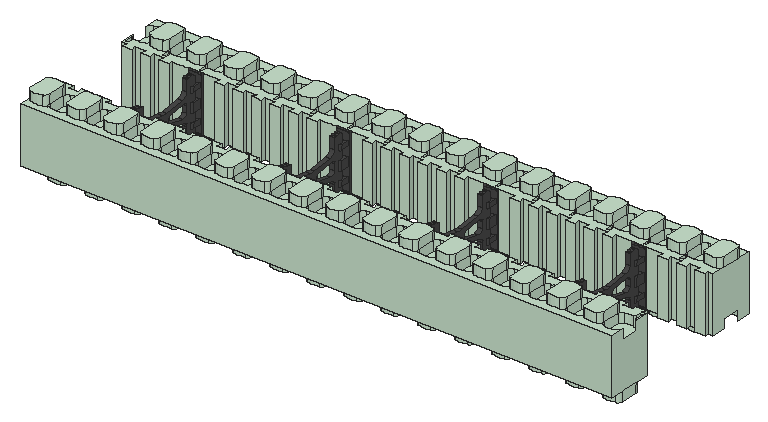
Revit family (continued)
Forms (in)
  Extrusion 51, void
    sketch origin (30, 9.25, 0) x (-1, 0, 0) y (0, -1, 0)
      loop
        arc (0, 0.72692) -> (0.04785, 0.57983) -> (0.17308, 0.48905) r 0.25
        arc (0.17308, 0.48905) -> (0.5, 0.4375) -> (0.82692, 0.48905) r 1.0625
        arc (0.82692, 0.48905) -> (0.95215, 0.57983) -> (1, 0.72692) r 0.25
        line (1, 0.72692) -> (1, 1.64808)
        arc (1, 1.64808) -> (0.95215, 1.79517) -> (0.82692, 1.88595) r 0.25
        arc (0.82692, 1.88595) -> (0.57908, 1.93455) -> (0.32677, 1.92328) r 1.0625
        arc (0.32677, 1.92328) -> (0.27615, 1.93729) -> (0.25408, 1.98495) r 0.0625
        line (0.25408, 1.98495) -> (0.25408, 2.20655)
    from 0 to 0.5
  Extrusion 52, void
    sketch origin (28, 9.25, 0) x (-1, 0, 0) y (0, -1, 0)
      loop
        line (0.25408, 2.20655) -> (0.08325, 2.20655) -> (0.08325, 1.86045)
        arc (0.08325, 1.86045) -> (0.07894, 1.83764) -> (0.0666, 1.81798) r 0.0625
        arc (0.0666, 1.81798) -> (0.01724, 1.73932) -> (0, 1.64808) r 0.25
        line (0, 1.64808) -> (0, 0.72692)
        arc (0, 0.72692) -> (0.04785, 0.57983) -> (0.17308, 0.48905) r 0.25
        arc (0.17308, 0.48905) -> (0.5, 0.4375) -> (0.82692, 0.48905) r 1.0625
        arc (0.82692, 0.48905) -> (0.95215, 0.57983) -> (1, 0.72692) r 0.25
        line (1, 0.72692) -> (1, 1.64808)
        arc (1, 1.64808) -> (0.95215, 1.79517) -> (0.82692, 1.88595) r 0.25
        arc (0.82692, 1.88595) -> (0.57908, 1.93455) -> (0.32677, 1.92328) r 1.0625
        arc (0.32677, 1.92328) -> (0.27615, 1.93729) -> (0.25408, 1.98495) r 0.0625
        line (0.25408, 1.98495) -> (0.25408, 2.20655)
    from 0 to 0.5
  Extrusion 53, void
    sketch origin (26, 9.25, 0) x (-1, 0, 0) y (0, -1, 0)
      loop
        line (0.25408, 2.20655) -> (0.08325, 2.20655) -> (0.08325, 1.86045)
        arc (0.08325, 1.86045) -> (0.07894, 1.83764) -> (0.0666, 1.81798) r 0.0625
        arc (0.0666, 1.81798) -> (0.01724, 1.73932) -> (0, 1.64808) r 0.25
        line (0, 1.64808) -> (0, 0.72692)
        arc (0, 0.72692) -> (0.04785, 0.57983) -> (0.17308, 0.48905) r 0.25
        arc (0.17308, 0.48905) -> (0.5, 0.4375) -> (0.82692, 0.48905) r 1.0625
        arc (0.82692, 0.48905) -> (0.95215, 0.57983) -> (1, 0.72692) r 0.25
        line (1, 0.72692) -> (1, 1.64808)
        arc (1, 1.64808) -> (0.95215, 1.79517) -> (0.82692, 1.88595) r 0.25
        arc (0.82692, 1.88595) -> (0.57908, 1.93455) -> (0.32677, 1.92328) r 1.0625
        arc (0.32677, 1.92328) -> (0.27615, 1.93729) -> (0.25408, 1.98495) r 0.0625
        line (0.25408, 1.98495) -> (0.25408, 2.20655)
    from 0 to 0.5
  Extrusion 54, void
    sketch origin (24, 9.25, 0) x (-1, 0, 0) y (0, -1, 0)
      loop
        line (0.25408, 2.20655) -> (0.08325, 2.20655) -> (0.08325, 1.86045)
        arc (0.08325, 1.86045) -> (0.07894, 1.83764) -> (0.0666, 1.81798) r 0.0625
        arc (0.0666, 1.81798) -> (0.01724, 1.73932) -> (0, 1.64808) r 0.25
        line (0, 1.64808) -> (0, 0.72692)
        arc (0, 0.72692) -> (0.04785, 0.57983) -> (0.17308, 0.48905) r 0.25
        arc (0.17308, 0.48905) -> (0.5, 0.4375) -> (0.82692, 0.48905) r 1.0625
        arc (0.82692, 0.48905) -> (0.95215, 0.57983) -> (1, 0.72692) r 0.25
        line (1, 0.72692) -> (1, 1.64808)
        arc (1, 1.64808) -> (0.95215, 1.79517) -> (0.82692, 1.88595) r 0.25
        arc (0.82692, 1.88595) -> (0.57908, 1.93455) -> (0.32677, 1.92328) r 1.0625
        arc (0.32677, 1.92328) -> (0.27615, 1.93729) -> (0.25408, 1.98495) r 0.0625
        line (0.25408, 1.98495) -> (0.25408, 2.20655)
    from 0 to 0.5
  Extrusion 55, void
    sketch origin (22, 9.25, 0) x (-1, 0, 0) y (0, -1, 0)
      loop
        line (0.25408, 2.20655) -> (0.08325, 2.20655) -> (0.08325, 1.86045)
        arc (0.08325, 1.86045) -> (0.07894, 1.83764) -> (0.0666, 1.81798) r 0.0625
        arc (0.0666, 1.81798) -> (0.01724, 1.73932) -> (0, 1.64808) r 0.25
        line (0, 1.64808) -> (0, 0.72692)
        arc (0, 0.72692) -> (0.04785, 0.57983) -> (0.17308, 0.48905) r 0.25
        arc (0.17308, 0.48905) -> (0.5, 0.4375) -> (0.82692, 0.48905) r 1.0625
        arc (0.82692, 0.48905) -> (0.95215, 0.57983) -> (1, 0.72692) r 0.25
        line (1, 0.72692) -> (1, 1.64808)
        arc (1, 1.64808) -> (0.95215, 1.79517) -> (0.82692, 1.88595) r 0.25
        arc (0.82692, 1.88595) -> (0.57908, 1.93455) -> (0.32677, 1.92328) r 1.0625
        arc (0.32677, 1.92328) -> (0.27615, 1.93729) -> (0.25408, 1.98495) r 0.0625
        line (0.25408, 1.98495) -> (0.25408, 2.20655)
    from 0 to 0.5
  Extrusion 56, void
    sketch origin (20, 9.25, 0) x (-1, 0, 0) y (0, -1, 0)
      loop
        line (0.25408, 2.20655) -> (0.08325, 2.20655) -> (0.08325, 1.86045)
        arc (0.08325, 1.86045) -> (0.07894, 1.83764) -> (0.0666, 1.81798) r 0.0625
        arc (0.0666, 1.81798) -> (0.01724, 1.73932) -> (0, 1.64808) r 0.25
        line (0, 1.64808) -> (0, 0.72692)
        arc (0, 0.72692) -> (0.04785, 0.57983) -> (0.17308, 0.48905) r 0.25
        arc (0.17308, 0.48905) -> (0.5, 0.4375) -> (0.82692, 0.48905) r 1.0625
        arc (0.82692, 0.48905) -> (0.95215, 0.57983) -> (1, 0.72692) r 0.25
        line (1, 0.72692) -> (1, 1.64808)
        arc (1, 1.64808) -> (0.95215, 1.79517) -> (0.82692, 1.88595) r 0.25
        arc (0.82692, 1.88595) -> (0.57908, 1.93455) -> (0.32677, 1.92328) r 1.0625
        arc (0.32677, 1.92328) -> (0.27615, 1.93729) -> (0.25408, 1.98495) r 0.0625
        line (0.25408, 1.98495) -> (0.25408, 2.20655)
    from 0 to 0.5
  Extrusion 57, void
    sketch origin (18, 9.25, 0) x (-1, 0, 0) y (0, -1, 0)
      loop
        line (0.25408, 2.20655) -> (0.08325, 2.20655) -> (0.08325, 1.86045)
        arc (0.08325, 1.86045) -> (0.07894, 1.83764) -> (0.0666, 1.81798) r 0.0625
        arc (0.0666, 1.81798) -> (0.01724, 1.73932) -> (0, 1.64808) r 0.25
        line (0, 1.64808) -> (0, 0.72692)
        arc (0, 0.72692) -> (0.04785, 0.57983) -> (0.17308, 0.48905) r 0.25
        arc (0.17308, 0.48905) -> (0.5, 0.4375) -> (0.82692, 0.48905) r 1.0625
        arc (0.82692, 0.48905) -> (0.95215, 0.57983) -> (1, 0.72692) r 0.25
        line (1, 0.72692) -> (1, 1.64808)
        arc (1, 1.64808) -> (0.95215, 1.79517) -> (0.82692, 1.88595) r 0.25
        arc (0.82692, 1.88595) -> (0.57908, 1.93455) -> (0.32677, 1.92328) r 1.0625
        arc (0.32677, 1.92328) -> (0.27615, 1.93729) -> (0.25408, 1.98495) r 0.0625
        line (0.25408, 1.98495) -> (0.25408, 2.20655)
    from 0 to 0.5
  Extrusion 58, void
    sketch origin (16, 9.25, 0) x (-1, 0, 0) y (0, -1, 0)
      loop
        line (0.25408, 2.20655) -> (0.08325, 2.20655) -> (0.08325, 1.86045)
        arc (0.08325, 1.86045) -> (0.07894, 1.83764) -> (0.0666, 1.81798) r 0.0625
        arc (0.0666, 1.81798) -> (0.01724, 1.73932) -> (0, 1.64808) r 0.25
        line (0, 1.64808) -> (0, 0.72692)
        arc (0, 0.72692) -> (0.04785, 0.57983) -> (0.17308, 0.48905) r 0.25
        arc (0.17308, 0.48905) -> (0.5, 0.4375) -> (0.82692, 0.48905) r 1.0625
        arc (0.82692, 0.48905) -> (0.95215, 0.57983) -> (1, 0.72692) r 0.25
        line (1, 0.72692) -> (1, 1.64808)
        arc (1, 1.64808) -> (0.95215, 1.79517) -> (0.82692, 1.88595) r 0.25
        arc (0.82692, 1.88595) -> (0.57908, 1.93455) -> (0.32677, 1.92328) r 1.0625
        arc (0.32677, 1.92328) -> (0.27615, 1.93729) -> (0.25408, 1.98495) r 0.0625
        line (0.25408, 1.98495) -> (0.25408, 2.20655)
    from 0 to 0.5
  Extrusion 59, void
    sketch origin (14, 9.25, 0) x (-1, 0, 0) y (0, -1, 0)
      loop
        line (0.25408, 2.20655) -> (0.08325, 2.20655) -> (0.08325, 1.86045)
        arc (0.08325, 1.86045) -> (0.07894, 1.83764) -> (0.0666, 1.81798) r 0.0625
        arc (0.0666, 1.81798) -> (0.01724, 1.73932) -> (0, 1.64808) r 0.25
        line (0, 1.64808) -> (0, 0.72692)
        arc (0, 0.72692) -> (0.04785, 0.57983) -> (0.17308, 0.48905) r 0.25
        arc (0.17308, 0.48905) -> (0.5, 0.4375) -> (0.82692, 0.48905) r 1.0625
        arc (0.82692, 0.48905) -> (0.95215, 0.57983) -> (1, 0.72692) r 0.25
        line (1, 0.72692) -> (1, 1.64808)
        arc (1, 1.64808) -> (0.95215, 1.79517) -> (0.82692, 1.88595) r 0.25
        arc (0.82692, 1.88595) -> (0.57908, 1.93455) -> (0.32677, 1.92328) r 1.0625
        arc (0.32677, 1.92328) -> (0.27615, 1.93729) -> (0.25408, 1.98495) r 0.0625
        line (0.25408, 1.98495) -> (0.25408, 2.20655)
    from 0 to 0.5
  Extrusion 60, void
    sketch origin (12, 9.25, 0) x (-1, 0, 0) y (0, -1, 0)
      loop
        line (0.25408, 2.20655) -> (0.08325, 2.20655) -> (0.08325, 1.86045)
        arc (0.08325, 1.86045) -> (0.07894, 1.83764) -> (0.0666, 1.81798) r 0.0625
        arc (0.0666, 1.81798) -> (0.01724, 1.73932) -> (0, 1.64808) r 0.25
        line (0, 1.64808) -> (0, 0.72692)
        arc (0, 0.72692) -> (0.04785, 0.57983) -> (0.17308, 0.48905) r 0.25
        arc (0.17308, 0.48905) -> (0.5, 0.4375) -> (0.82692, 0.48905) r 1.0625
        arc (0.82692, 0.48905) -> (0.95215, 0.57983) -> (1, 0.72692) r 0.25
        line (1, 0.72692) -> (1, 1.64808)
        arc (1, 1.64808) -> (0.95215, 1.79517) -> (0.82692, 1.88595) r 0.25
        arc (0.82692, 1.88595) -> (0.57908, 1.93455) -> (0.32677, 1.92328) r 1.0625
        arc (0.32677, 1.92328) -> (0.27615, 1.93729) -> (0.25408, 1.98495) r 0.0625
        line (0.25408, 1.98495) -> (0.25408, 2.20655)
    from 0 to 0.5
  Extrusion 61, void
    sketch origin (10, 9.25, 0) x (-1, 0, 0) y (0, -1, 0)
      loop
        line (0.25408, 2.20655) -> (0.08325, 2.20655) -> (0.08325, 1.86045)
        arc (0.08325, 1.86045) -> (0.07894, 1.83764) -> (0.0666, 1.81798) r 0.0625
        arc (0.0666, 1.81798) -> (0.01724, 1.73932) -> (0, 1.64808) r 0.25
        line (0, 1.64808) -> (0, 0.72692)
        arc (0, 0.72692) -> (0.04785, 0.57983) -> (0.17308, 0.48905) r 0.25
        arc (0.17308, 0.48905) -> (0.5, 0.4375) -> (0.82692, 0.48905) r 1.0625
        arc (0.82692, 0.48905) -> (0.95215, 0.57983) -> (1, 0.72692) r 0.25
        line (1, 0.72692) -> (1, 1.64808)
        arc (1, 1.64808) -> (0.95215, 1.79517) -> (0.82692, 1.88595) r 0.25
        arc (0.82692, 1.88595) -> (0.57908, 1.93455) -> (0.32677, 1.92328) r 1.0625
        arc (0.32677, 1.92328) -> (0.27615, 1.93729) -> (0.25408, 1.98495) r 0.0625
        line (0.25408, 1.98495) -> (0.25408, 2.20655)
    from 0 to 0.5
  Extrusion 62, void
    sketch origin (8, 9.25, 0) x (-1, 0, 0) y (0, -1, 0)
      loop
        line (0.25408, 2.20655) -> (0.08325, 2.20655) -> (0.08325, 1.86045)
        arc (0.08325, 1.86045) -> (0.07894, 1.83764) -> (0.0666, 1.81798) r 0.0625
        arc (0.0666, 1.81798) -> (0.01724, 1.73932) -> (0, 1.64808) r 0.25
        line (0, 1.64808) -> (0, 0.72692)
        arc (0, 0.72692) -> (0.04785, 0.57983) -> (0.17308, 0.48905) r 0.25
        arc (0.17308, 0.48905) -> (0.5, 0.4375) -> (0.82692, 0.48905) r 1.0625
        arc (0.82692, 0.48905) -> (0.95215, 0.57983) -> (1, 0.72692) r 0.25
        line (1, 0.72692) -> (1, 1.64808)
        arc (1, 1.64808) -> (0.95215, 1.79517) -> (0.82692, 1.88595) r 0.25
        arc (0.82692, 1.88595) -> (0.57908, 1.93455) -> (0.32677, 1.92328) r 1.0625
        arc (0.32677, 1.92328) -> (0.27615, 1.93729) -> (0.25408, 1.98495) r 0.0625
        line (0.25408, 1.98495) -> (0.25408, 2.20655)
    from 0 to 0.5
  Extrusion 63, void
    sketch origin (6, 9.25, 0) x (-1, 0, 0) y (0, -1, 0)
      loop
        line (0.25408, 2.20655) -> (0.08325, 2.20655) -> (0.08325, 1.86045)
        arc (0.08325, 1.86045) -> (0.07894, 1.83764) -> (0.0666, 1.81798) r 0.0625
        arc (0.0666, 1.81798) -> (0.01724, 1.73932) -> (0, 1.64808) r 0.25
        line (0, 1.64808) -> (0, 0.72692)
        arc (0, 0.72692) -> (0.04785, 0.57983) -> (0.17308, 0.48905) r 0.25
        arc (0.17308, 0.48905) -> (0.5, 0.4375) -> (0.82692, 0.48905) r 1.0625
        arc (0.82692, 0.48905) -> (0.95215, 0.57983) -> (1, 0.72692) r 0.25
        line (1, 0.72692) -> (1, 1.64808)
        arc (1, 1.64808) -> (0.95215, 1.79517) -> (0.82692, 1.88595) r 0.25
        arc (0.82692, 1.88595) -> (0.57908, 1.93455) -> (0.32677, 1.92328) r 1.0625
        arc (0.32677, 1.92328) -> (0.27615, 1.93729) -> (0.25408, 1.98495) r 0.0625
        line (0.25408, 1.98495) -> (0.25408, 2.20655)
    from 0 to 0.5
  Extrusion 64, void
    sketch origin (4, 9.25, 0) x (-1, 0, 0) y (0, -1, 0)
      loop
        line (0.25408, 2.20655) -> (0.08325, 2.20655) -> (0.08325, 1.86045)
        arc (0.08325, 1.86045) -> (0.07894, 1.83764) -> (0.0666, 1.81798) r 0.0625
        arc (0.0666, 1.81798) -> (0.01724, 1.73932) -> (0, 1.64808) r 0.25
        line (0, 1.64808) -> (0, 0.72692)
        arc (0, 0.72692) -> (0.04785, 0.57983) -> (0.17308, 0.48905) r 0.25
        arc (0.17308, 0.48905) -> (0.5, 0.4375) -> (0.82692, 0.48905) r 1.0625
        arc (0.82692, 0.48905) -> (0.95215, 0.57983) -> (1, 0.72692) r 0.25
        line (1, 0.72692) -> (1, 1.64808)
        arc (1, 1.64808) -> (0.95215, 1.79517) -> (0.82692, 1.88595) r 0.25
        arc (0.82692, 1.88595) -> (0.57908, 1.93455) -> (0.32677, 1.92328) r 1.0625
        arc (0.32677, 1.92328) -> (0.27615, 1.93729) -> (0.25408, 1.98495) r 0.0625
        line (0.25408, 1.98495) -> (0.25408, 2.20655)
    from 0 to 0.5
  Extrusion 65, void
    sketch origin (2, 9.25, 0) x (-1, 0, 0) y (0, -1, 0)
      loop
        line (0.25408, 2.20655) -> (0.08325, 2.20655) -> (0.08325, 1.86045)
        arc (0.08325, 1.86045) -> (0.07894, 1.83764) -> (0.0666, 1.81798) r 0.0625
        arc (0.0666, 1.81798) -> (0.01724, 1.73932) -> (0, 1.64808) r 0.25
        line (0, 1.64808) -> (0, 0.72692)
        arc (0, 0.72692) -> (0.04785, 0.57983) -> (0.17308, 0.48905) r 0.25
        arc (0.17308, 0.48905) -> (0.5, 0.4375) -> (0.82692, 0.48905) r 1.0625
        arc (0.82692, 0.48905) -> (0.95215, 0.57983) -> (1, 0.72692) r 0.25
        line (1, 0.72692) -> (1, 1.64808)
        arc (1, 1.64808) -> (0.95215, 1.79517) -> (0.82692, 1.88595) r 0.25
        arc (0.82692, 1.88595) -> (0.57908, 1.93455) -> (0.32677, 1.92328) r 1.0625
        arc (0.32677, 1.92328) -> (0.27615, 1.93729) -> (0.25408, 1.98495) r 0.0625
        line (0.25408, 1.98495) -> (0.25408, 2.20655)
    from 0 to 0.5
Cuts and joins
  Extrusion 2, Extrusion 3, Extrusion 4, Extrusion 5, Extrusion 6, Extrusion 7, Extrusion 8, Extrusion 9, Extrusion 10, Extrusion 11, Extrusion 12, Extrusion 13, Extrusion 14, Extrusion 15, Extrusion 16, Extrusion 17, Extrusion 18, Extrusion 19, Extrusion 20, Extrusion 21, Extrusion 22, Extrusion 23, Extrusion 24, Extrusion 25, Extrusion 26, Extrusion 27, Extrusion 28, Extrusion 29, Extrusion 30, Extrusion 31, Extrusion 32, Extrusion 33, Extrusion 34, Extrusion 35, Extrusion 36, Extrusion 37, Extrusion 38, Extrusion 39, Extrusion 40, Extrusion 41, Extrusion 42, Extrusion 43, Extrusion 44, Extrusion 45, Extrusion 46, Extrusion 47, Extrusion 48, Extrusion 49, Extrusion 50, Extrusion 51, Extrusion 52, Extrusion 53, Extrusion 54, Extrusion 55, Extrusion 56, Extrusion 57, Extrusion 58, Extrusion 59, Extrusion 60, Extrusion 61, Extrusion 62, Extrusion 63, Extrusion 64, Extrusion 65 cuts Extrusion 1
Dimensions and locks (in)
  locked: plane 3 "Center (Left/Right)" to plane 5 at 32
  locked: plane 5 to plane 3 "Center (Left/Right)" at 32
  locked: level to plane 6 at 3
  locked: plane 6 to level at 3
  locked: plane 4 to plane 1 "Center (Front/Back)" at 2.625
  plane 1 "Center (Front/Back)" to plane 4 to plane 7 to plane 8 = 0' - 2 5/8" locked, 0' - 4" locked, 0' - 2 5/8" locked
  aligned and locked: cut or joined group 1 (Extrusion 1, Extrusion 2, Extrusion 3, Extrusion 4, Extrusion 5, Extrusion 6, Extrusion 7, Extrusion 8, Extrusion 9, Extrusion 10, Extrusion 11, Extrusion 12, Extrusion 13, Extrusion 14, Extrusion 15, Extrusion 16, Extrusion 17, Extrusion 18, Extrusion 19, Extrusion 20, Extrusion 21, Extrusion 22, Extrusion 23, Extrusion 24, Extrusion 25, Extrusion 26, Extrusion 27, Extrusion 28, Extrusion 29, Extrusion 30, Extrusion 31, Extrusion 32, Extrusion 33, Extrusion 34, Extrusion 35, Extrusion 36, Extrusion 37, Extrusion 38, Extrusion 39, Extrusion 40, Extrusion 41, Extrusion 42, Extrusion 43, Extrusion 44, Extrusion 45, Extrusion 46, Extrusion 47, Extrusion 48, Extrusion 49, Extrusion 50, Extrusion 51, Extrusion 52, Extrusion 53, Extrusion 54, Extrusion 55, Extrusion 56, Extrusion 57, Extrusion 58, Extrusion 59, Extrusion 60, Extrusion 61, Extrusion 62, Extrusion 63, Extrusion 64, Extrusion 65) to nested 15
  aligned and locked: cut or joined group 1 to nested 14
  aligned and locked: cut or joined group 1 to nested 13
  aligned and locked: cut or joined group 1 to nested 12
  aligned and locked: cut or joined group 1 to nested 11
  aligned and locked: cut or joined group 1 to nested 10
  aligned and locked: cut or joined group 1 to nested 9
  aligned and locked: cut or joined group 1 to nested 8
  aligned and locked: cut or joined group 1 to nested 7
  aligned and locked: cut or joined group 1 to nested 6
  aligned and locked: cut or joined group 1 to nested 5
  aligned and locked: cut or joined group 1 to nested 3
  aligned and locked: cut or joined group 1 to nested 2
  aligned and locked: nested 1 to cut or joined group 1
  aligned and locked: cut or joined group 1 to nested 65  (x2)
  aligned and locked: cut or joined group 1 to nested 68
  aligned: cut or joined group 1 to nested 67
  aligned: cut or joined group 1 to nested 66
  aligned: cut or joined group 1 to nested 65
  aligned and locked: cut or joined group 1 to nested 66
  aligned and locked: cut or joined group 1 to nested 67
  aligned and locked: cut or joined group 1 to nested 73
Nested families (in)
  nested 1: "Interlock Tooth" at (0, 5.625, -15), type "Interlock Tooth"
  nested 2: "Interlock Tooth" at (2, 5.625, -15), type "Interlock Tooth"
  nested 3: "Interlock Tooth" at (4, 5.625, -15), type "Interlock Tooth"
  nested 4: "Interlock Tooth" at (6, 5.625, -15), type "Interlock Tooth"
  nested 5: "Interlock Tooth" at (8, 5.625, -15), type "Interlock Tooth"
  nested 6: "Interlock Tooth" at (10, 5.625, -15), type "Interlock Tooth"
  nested 7: "Interlock Tooth" at (12, 5.625, -15), type "Interlock Tooth"
  nested 8: "Interlock Tooth" at (14, 5.625, -15), type "Interlock Tooth"
  nested 9: "Interlock Tooth" at (16, 5.625, -15), type "Interlock Tooth"
  nested 10: "Interlock Tooth" at (18, 5.625, -15), type "Interlock Tooth"
  nested 11: "Interlock Tooth" at (20, 5.625, -15), type "Interlock Tooth"
  nested 12: "Interlock Tooth" at (22, 5.625, -15), type "Interlock Tooth"
  nested 13: "Interlock Tooth" at (24, 5.625, -15), type "Interlock Tooth"
  nested 14: "Interlock Tooth" at (26, 5.625, -15), type "Interlock Tooth"
  nested 15: "Interlock Tooth" at (28, 5.625, -15), type "Interlock Tooth"
  nested 16: "Interlock Tooth" at (30, 5.625, -15), type "Interlock Tooth"
  nested 17: "Interlock Tooth" at (3, 5.625, -18.5), type "Interlock Tooth"
  nested 18: "Interlock Tooth" at (5, 5.625, -18.5), type "Interlock Tooth"
  nested 19: "Interlock Tooth" at (7, 5.625, -18.5), type "Interlock Tooth"
  nested 20: "Interlock Tooth" at (9, 5.625, -18.5), type "Interlock Tooth"
  nested 21: "Interlock Tooth" at (1, 5.625, -18.5), type "Interlock Tooth"
  nested 22: "Interlock Tooth" at (11, 5.625, -18.5), type "Interlock Tooth"
  nested 23: "Interlock Tooth" at (13, 5.625, -18.5), type "Interlock Tooth"
  nested 24: "Interlock Tooth" at (15, 5.625, -18.5), type "Interlock Tooth"
  nested 25: "Interlock Tooth" at (17, 5.625, -18.5), type "Interlock Tooth"
  nested 26: "Interlock Tooth" at (19, 5.625, -18.5), type "Interlock Tooth"
  nested 27: "Interlock Tooth" at (21, 5.625, -18.5), type "Interlock Tooth"
  nested 28: "Interlock Tooth" at (23, 5.625, -18.5), type "Interlock Tooth"
  nested 29: "Interlock Tooth" at (25, 5.625, -18.5), type "Interlock Tooth"
  nested 30: "Interlock Tooth" at (27, 5.625, -18.5), type "Interlock Tooth"
  nested 31: "Interlock Tooth" at (29, 5.625, -18.5), type "Interlock Tooth"
  nested 32: "Interlock Tooth" at (31, 5.625, -18.5), type "Interlock Tooth"
  nested 33: "Interlock Tooth" at (32, 3.625, -15) x (-1, 0, 0) z (0, 0, 1), type "Interlock Tooth"
  nested 34: "Interlock Tooth" at (30, 3.625, -15) x (-1, 0, 0) z (0, 0, 1), type "Interlock Tooth"
  nested 35: "Interlock Tooth" at (28, 3.625, -15) x (-1, 0, 0) z (0, 0, 1), type "Interlock Tooth"
  nested 36: "Interlock Tooth" at (26, 3.625, -15) x (-1, 0, 0) z (0, 0, 1), type "Interlock Tooth"
  nested 37: "Interlock Tooth" at (24, 3.625, -15) x (-1, 0, 0) z (0, 0, 1), type "Interlock Tooth"
  nested 38: "Interlock Tooth" at (22, 3.625, -15) x (-1, 0, 0) z (0, 0, 1), type "Interlock Tooth"
  nested 39: "Interlock Tooth" at (20, 3.625, -15) x (-1, 0, 0) z (0, 0, 1), type "Interlock Tooth"
  nested 40: "Interlock Tooth" at (18, 3.625, -15) x (-1, 0, 0) z (0, 0, 1), type "Interlock Tooth"
  nested 41: "Interlock Tooth" at (16, 3.625, -15) x (-1, 0, 0) z (0, 0, 1), type "Interlock Tooth"
  nested 42: "Interlock Tooth" at (14, 3.625, -15) x (-1, 0, 0) z (0, 0, 1), type "Interlock Tooth"
  nested 43: "Interlock Tooth" at (12, 3.625, -15) x (-1, 0, 0) z (0, 0, 1), type "Interlock Tooth"
  nested 44: "Interlock Tooth" at (10, 3.625, -15) x (-1, 0, 0) z (0, 0, 1), type "Interlock Tooth"
  nested 45: "Interlock Tooth" at (8, 3.625, -15) x (-1, 0, 0) z (0, 0, 1), type "Interlock Tooth"
  nested 46: "Interlock Tooth" at (6, 3.625, -15) x (-1, 0, 0) z (0, 0, 1), type "Interlock Tooth"
  nested 47: "Interlock Tooth" at (4, 3.625, -15) x (-1, 0, 0) z (0, 0, 1), type "Interlock Tooth"
  nested 48: "Interlock Tooth" at (2, 3.625, -15) x (-1, 0, 0) z (0, 0, 1), type "Interlock Tooth"
  nested 49: "Interlock Tooth" at (29, 3.625, -18.5) x (-1, 0, 0) z (0, 0, 1), type "Interlock Tooth"
  nested 50: "Interlock Tooth" at (27, 3.625, -18.5) x (-1, 0, 0) z (0, 0, 1), type "Interlock Tooth"
  nested 51: "Interlock Tooth" at (25, 3.625, -18.5) x (-1, 0, 0) z (0, 0, 1), type "Interlock Tooth"
  nested 52: "Interlock Tooth" at (23, 3.625, -18.5) x (-1, 0, 0) z (0, 0, 1), type "Interlock Tooth"
  nested 53: "Interlock Tooth" at (31, 3.625, -18.5) x (-1, 0, 0) z (0, 0, 1), type "Interlock Tooth"
  nested 54: "Interlock Tooth" at (21, 3.625, -18.5) x (-1, 0, 0) z (0, 0, 1), type "Interlock Tooth"
  nested 55: "Interlock Tooth" at (19, 3.625, -18.5) x (-1, 0, 0) z (0, 0, 1), type "Interlock Tooth"
  nested 56: "Interlock Tooth" at (17, 3.625, -18.5) x (-1, 0, 0) z (0, 0, 1), type "Interlock Tooth"
  nested 57: "Interlock Tooth" at (15, 3.625, -18.5) x (-1, 0, 0) z (0, 0, 1), type "Interlock Tooth"
  nested 58: "Interlock Tooth" at (13, 3.625, -18.5) x (-1, 0, 0) z (0, 0, 1), type "Interlock Tooth"
  nested 59: "Interlock Tooth" at (11, 3.625, -18.5) x (-1, 0, 0) z (0, 0, 1), type "Interlock Tooth"
  nested 60: "Interlock Tooth" at (9, 3.625, -18.5) x (-1, 0, 0) z (0, 0, 1), type "Interlock Tooth"
  nested 61: "Interlock Tooth" at (7, 3.625, -18.5) x (-1, 0, 0) z (0, 0, 1), type "Interlock Tooth"
  nested 62: "Interlock Tooth" at (5, 3.625, -18.5) x (-1, 0, 0) z (0, 0, 1), type "Interlock Tooth"
  nested 63: "Interlock Tooth" at (3, 3.625, -18.5) x (-1, 0, 0) z (0, 0, 1), type "Interlock Tooth"
  nested 64: "Interlock Tooth" at (1, 3.625, -18.5) x (-1, 0, 0) z (0, 0, 1), type "Interlock Tooth"
  nested 65: "NUDURA Height Adjuster Diamond Pattern" at (24, 14.875, 0), type "NUDURA Height Adjuster Diamond Pattern"
  nested 66: "NUDURA Height Adjuster Diamond Pattern" at (16, 14.875, 0), type "NUDURA Height Adjuster Diamond Pattern"
  nested 67: "NUDURA Height Adjuster Diamond Pattern" at (8, 14.875, 0), type "NUDURA Height Adjuster Diamond Pattern"
  nested 68: "NUDURA Height Adjuster Diamond Pattern" at (0, 14.875, 0), type "NUDURA Height Adjuster Diamond Pattern"
  nested 69: "NUDURA Height Adjuster Diamond Pattern" at (24, -5.625, 0), type "NUDURA Height Adjuster Diamond Pattern"
  nested 70: "NUDURA Height Adjuster Diamond Pattern" at (16, -5.625, 0), type "NUDURA Height Adjuster Diamond Pattern"
  nested 71: "NUDURA Height Adjuster Diamond Pattern" at (8, -5.625, 0), type "NUDURA Height Adjuster Diamond Pattern"
  nested 72: "NUDURA Height Adjuster Diamond Pattern" at (0, -5.625, 0), type "NUDURA Height Adjuster Diamond Pattern"
  nested 73: "NUDURA 4-inch Height Adjuster Web" at (4, 4.625, 0), type "NUDURA 4-inch Height Adjuster Web"
  nested 74: "NUDURA 4-inch Height Adjuster Web" at (12, 4.625, 0), type "NUDURA 4-inch Height Adjuster Web"
  nested 75: "NUDURA 4-inch Height Adjuster Web" at (20, 4.625, 0), type "NUDURA 4-inch Height Adjuster Web"
  nested 76: "NUDURA 4-inch Height Adjuster Web" at (28, 4.625, 0), type "NUDURA 4-inch Height Adjuster Web"
Definition of nested family "Interlock Tooth"
  Reference planes (in)
    plane 1 "Center (Front/Back)": y = 0
    plane 2: z = 0
    plane 3 "Center (Left/Right)": x = 0
    plane 4: z = 18
    plane 5: z = 18.5
    plane 6: z = -0.5
  Forms (in)
    Extrusion 1, solid, material "NUDURA Expanded Polystyrene Foam Insulation"
      sketch origin (0, -8.875, 0) x (1, 0, 0) y (0, 1, 0)
        loop
          arc (0, 3.97692) -> (0.04785, 3.82983) -> (0.17308, 3.73905) r 0.25
          arc (0.17308, 3.73905) -> (0.5, 3.6875) -> (0.82692, 3.73905) r 1.0625
          arc (0.82692, 3.73905) -> (0.95215, 3.82983) -> (1, 3.97692) r 0.25
          line (1, 3.97692) -> (1, 4.89808)
          arc (1, 4.89808) -> (0.95215, 5.04517) -> (0.82692, 5.13595) r 0.25
          arc (0.82692, 5.13595) -> (0.5, 5.1875) -> (0.17308, 5.13595) r 1.0625
          arc (0.17308, 5.13595) -> (0.04785, 5.04517) -> (0, 4.89808) r 0.25
          line (0, 4.89808) -> (0, 3.97692)
      from 18 to 18.5
  Dimensions and locks (in)
    locked: plane 4 to level at 18
    locked: plane 4 to plane 5 at 0.5
    locked: plane 6 to level at 0.5
Definition of nested family "NUDURA 4-inch Height Adjuster Web"
  Reference planes (in)
    plane 1 "Center (Front/Back)": y = 0
    plane 2: z = 0
    plane 3 "Center (Left/Right)": x = 0
    plane 4: z = 3
    plane 5: z = 0.5
    plane 6: z = 2.5
    plane 7: z = 2.25
    plane 8: z = 0.75
    plane 9: z = 1.25
    plane 10: z = 1.75
  Forms (in)
    Extrusion 1, solid, material "High Density Polystyrene"
      sketch origin (0, 0.2725, 0) x (0, 1, 0) y (0, 0, 1)
        loop
          line (1.9775, 0) -> (1.9775, 3)
          arc (1.9775, 3) -> (1.94863, 2.98025) -> (1.9375, 2.94708) r 0.055
          line (1.9375, 2.94708) -> (1.9375, 0.05292)
          arc (1.9375, 0.05292) -> (1.94863, 0.01975) -> (1.9775, 0) r 0.055
        loop
          arc (-2.5225, 0) -> (-2.49362, 0.01975) -> (-2.48249, 0.05292) r 0.055
          line (-2.48249, 0.05292) -> (-2.48249, 2.94708)
          arc (-2.48249, 2.94708) -> (-2.49362, 2.98025) -> (-2.5225, 3) r 0.055
          line (-2.5225, 3) -> (-2.5225, 0)
      from -0.36328 to 0.36328
    Extrusion 2, solid, material "High Density Polystyrene"
      sketch origin (0, 0.02, -4.14669) x (0, 1, 0) y (0, 0, 1)
        loop
          arc (1.48, 6.50475) -> (1.39662, 6.2972) -> (1.19283, 6.20502) r 0.3
          line (1.19283, 6.20502) -> (0.13037, 6.04342)
          arc (0.13037, 6.04342) -> (-0.02, 6.03205) -> (-0.17037, 6.04342) r 1
          line (-0.17037, 6.04342) -> (-1.23284, 6.20502)
          arc (-1.23284, 6.20502) -> (-1.43662, 6.2972) -> (-1.52, 6.50475) r 0.3
          line (-1.52, 6.50475) -> (-1.52, 7.06776) -> (-1.62, 7.06776)
          arc (-1.62, 7.06776) -> (-1.63433, 7.10236) -> (-1.66893, 7.11669) r 0.04893
          line (-1.66893, 7.11669) -> (-1.82, 7.11669) -> (-1.85, 7.14669) -> (-1.94, 7.14669) -> (-2.02, 7.06669) -> (-2.02, 4.22669) -> (-1.94, 4.14669) -> (-1.85, 4.14669) -> (-1.82, 4.17669) -> (-1.66893, 4.17669)
          arc (-1.66893, 4.17669) -> (-1.63433, 4.19102) -> (-1.62, 4.22562) r 0.04893
          line (-1.62, 4.22562) -> (-1.52, 4.22562) -> (-1.52, 4.78649)
          arc (-1.52, 4.78649) -> (-1.44076, 4.98963) -> (-1.24488, 5.08545) r 0.3
          line (-1.24488, 5.08545) -> (-0.17037, 5.24996)
          arc (-0.17037, 5.24996) -> (-0.02, 5.26133) -> (0.13037, 5.24996) r 1
          line (0.13037, 5.24996) -> (1.20488, 5.08653)
          arc (1.20488, 5.08653) -> (1.40075, 4.98963) -> (1.48, 4.78649) r 0.3
          line (1.48, 4.78649) -> (1.48, 4.22562) -> (1.58, 4.22562)
          arc (1.58, 4.22562) -> (1.59433, 4.19102) -> (1.62892, 4.17669) r 0.04893
          line (1.62892, 4.17669) -> (1.78, 4.17669) -> (1.81, 4.14669) -> (1.9, 4.14669) -> (1.98, 4.22669) -> (1.98, 7.06669) -> (1.9, 7.14669) -> (1.81, 7.14669) -> (1.78, 7.11669) -> (1.62892, 7.11669)
          arc (1.62892, 7.11669) -> (1.59433, 7.10236) -> (1.58, 7.06776) r 0.04893
          line (1.58, 7.06776) -> (1.48, 7.06776) -> (1.48, 6.50475)
        loop
          line (0.36341, 5.42978) -> (1.24298, 5.26412)
          arc (1.24298, 5.26412) -> (1.40766, 5.30671) -> (1.48, 5.46066) r 0.2
          line (1.48, 5.46066) -> (1.48, 5.83272)
          arc (1.48, 5.83272) -> (1.40766, 5.98667) -> (1.24298, 6.02926) r 0.2
          line (1.24298, 6.02926) -> (0.36341, 5.8636)
          arc (0.36341, 5.8636) -> (0.23283, 5.79972) -> (0.18, 5.66429) r 0.2
          line (0.18, 5.66429) -> (0.18, 5.62909)
          arc (0.18, 5.62909) -> (0.23283, 5.49366) -> (0.36341, 5.42978) r 0.2
        loop
          arc (-0.40341, 5.42978) -> (-0.27283, 5.49366) -> (-0.22, 5.62909) r 0.2
          line (-0.22, 5.62909) -> (-0.22, 5.66429)
          arc (-0.22, 5.66429) -> (-0.27283, 5.79972) -> (-0.40341, 5.8636) r 0.2
          line (-0.40341, 5.8636) -> (-1.28298, 6.02926)
          arc (-1.28298, 6.02926) -> (-1.44767, 5.98667) -> (-1.52, 5.83272) r 0.2
          line (-1.52, 5.83272) -> (-1.52, 5.46066)
          arc (-1.52, 5.46066) -> (-1.44767, 5.30671) -> (-1.28298, 5.26412) r 0.2
          line (-1.28298, 5.26412) -> (-0.40341, 5.42978)
      from -0.125 to 0.125
    Extrusion 3, void
      sketch origin (0, -1, -0.08679) x (-1, 0, 0) y (0, -1, 0)
        loop
          arc (-0.25, -2.79249) -> (-0.22584, -2.73416) -> (-0.1675, -2.71) r 0.0825
          line (-0.1675, -2.71) -> (-0.25, -2.71) -> (-0.25, -2.79249)
      from 0.58679 to 2.58679
    Extrusion 4, void
      sketch origin (0, 1, 0) x (1, 0, 0) y (0, 1, 0)
        loop
          arc (-0.25, -2.79249) -> (-0.22584, -2.73416) -> (-0.1675, -2.71) r 0.0825
          line (-0.1675, -2.71) -> (-0.25, -2.71) -> (-0.25, -2.79249)
      from 0.5 to 2.5
    Extrusion 5, void
      sketch origin (0, 1, 0) x (-1, 0, 0) y (0, -1, 0)
        loop
          line (-0.25, 2.79249) -> (-0.25, 2.71) -> (-0.1675, 2.71)
          arc (-0.1675, 2.71) -> (-0.22584, 2.73416) -> (-0.25, 2.79249) r 0.0825
      from 0.5 to 2.5
    Extrusion 6, solid, material "High Density Polystyrene"
      sketch origin (0, 0, 0) x (0, 1, 0) y (0, 0, 1)
        loop
          line (2.21, 2.5) -> (1.71, 2.5) -> (1.71, 2.25) -> (2.21, 2.25) -> (2.21, 2.5)
        loop
          line (2.21, 1.75) -> (1.71, 1.75) -> (1.71, 1.25) -> (2.21, 1.25) -> (2.21, 1.75)
        loop
          line (2.21, 0.75) -> (1.71, 0.75) -> (1.71, 0.5) -> (2.21, 0.5) -> (2.21, 0.75)
        loop
          line (-2.21, 2.5) -> (-2.21, 2.25) -> (-1.71, 2.25) -> (-1.71, 2.5) -> (-2.21, 2.5)
        loop
          line (-2.21, 1.75) -> (-2.21, 1.25) -> (-1.71, 1.25) -> (-1.71, 1.75) -> (-2.21, 1.75)
        loop
          line (-2.21, 0.75) -> (-2.21, 0.5) -> (-1.71, 0.5) -> (-1.71, 0.75) -> (-2.21, 0.75)
      from -0.25 to 0.25
    Extrusion 7, void
      sketch origin (0, -1, -0.08679) x (1, 0, 0) y (0, 1, 0)
        loop
          line (-0.25, 2.79249) -> (-0.25, 2.71) -> (-0.1675, 2.71)
          arc (-0.1675, 2.71) -> (-0.22584, 2.73416) -> (-0.25, 2.79249) r 0.0825
      from 0.58679 to 2.58679
  Cuts and joins
    Extrusion 3, Extrusion 4, Extrusion 5, Extrusion 7 cuts Extrusion 6
    Extrusion 7 cuts Extrusion 1
Definition of nested family "NUDURA Height Adjuster Diamond Pattern"
  Reference planes (in)
    plane 1 "Center (Front/Back)": y = 0
    plane 2: z = 0
    plane 3 "Center (Left/Right)": x = 0
    plane 4: z = 3
  Lines and regions (in)
    model lines
      curve 1: line (8, -5.625, 3) -> (8, -5.625, 0)
      curve 2: line (6, -5.625, 3) -> (6, -5.625, 0)
      curve 3: line (2, -5.625, 3) -> (2, -5.625, 0)
      curve 4: line (4.634, -5.625, 2.51517) -> (4.29059, -5.625, 2.85858)
      curve 5: arc (4.634, -5.625, 1.98484) -> (4.74384, -5.625, 2.25) -> (4.634, -5.625, 2.51517) r 0.375
      curve 6: line (4.29059, -5.625, 1.64142) -> (4.634, -5.625, 1.98484)
      curve 7: line (3.35367, -5.625, 1.98484) -> (3.69709, -5.625, 1.64142)
      curve 8: arc (3.35367, -5.625, 2.51517) -> (3.24384, -5.625, 2.25) -> (3.35367, -5.625, 1.98484) r 0.375
      curve 9: line (3.69709, -5.625, 2.85858) -> (3.35367, -5.625, 2.51517)
      curve 10: arc (4.17062, -5.625, 2.80178) -> (3.99384, -5.625, 2.875) -> (3.81706, -5.625, 2.80178) r 0.25
      curve 11: line (3.81706, -5.625, 2.80178) -> (3.44206, -5.625, 2.42678)
      curve 12: arc (3.44206, -5.625, 2.42678) -> (3.36884, -5.625, 2.25) -> (3.44206, -5.625, 2.07322) r 0.25
      curve 13: line (3.44206, -5.625, 2.07322) -> (3.81706, -5.625, 1.69822)
      curve 14: arc (3.81706, -5.625, 1.69822) -> (3.99384, -5.625, 1.625) -> (4.17062, -5.625, 1.69822) r 0.25
      curve 15: line (4.17062, -5.625, 1.69822) -> (4.54562, -5.625, 2.07322)
      curve 16: arc (4.54562, -5.625, 2.07322) -> (4.61884, -5.625, 2.25) -> (4.54562, -5.625, 2.42678) r 0.25
      curve 17: line (4.54562, -5.625, 2.42678) -> (4.17062, -5.625, 2.80178)
      curve 18: arc (3.69709, -5.625, 1.35858) -> (3.75567, -5.625, 1.5) -> (3.69709, -5.625, 1.64142) r 0.2
      curve 19: line (3.69709, -5.625, 1.35858) -> (3.35367, -5.625, 1.01517)
      curve 20: arc (3.35367, -5.625, 1.01517) -> (3.24384, -5.625, 0.75) -> (3.35367, -5.625, 0.48484) r 0.375
      curve 21: line (3.35367, -5.625, 0.48484) -> (3.72867, -5.625, 0.10984)
      curve 22: arc (3.72867, -5.625, 0.10984) -> (3.99384, -5.625, 0) -> (4.259, -5.625, 0.10984) r 0.375
      curve 23: line (4.259, -5.625, 0.10984) -> (4.634, -5.625, 0.48484)
      curve 24: arc (4.634, -5.625, 0.48484) -> (4.74384, -5.625, 0.75) -> (4.634, -5.625, 1.01517) r 0.375
      curve 25: line (4.634, -5.625, 1.01517) -> (4.29059, -5.625, 1.35858)
      curve 26: arc (4.29059, -5.625, 1.64142) -> (4.23201, -5.625, 1.5) -> (4.29059, -5.625, 1.35858) r 0.2
      curve 27: arc (4.17062, -5.625, 1.30178) -> (3.99384, -5.625, 1.375) -> (3.81706, -5.625, 1.30178) r 0.25
      curve 28: line (4.54562, -5.625, 0.92678) -> (4.17062, -5.625, 1.30178)
      curve 29: arc (4.54562, -5.625, 0.57322) -> (4.61884, -5.625, 0.75) -> (4.54562, -5.625, 0.92678) r 0.25
      curve 30: line (4.17062, -5.625, 0.19822) -> (4.54562, -5.625, 0.57322)
      curve 31: arc (3.81706, -5.625, 0.19822) -> (3.99384, -5.625, 0.125) -> (4.17062, -5.625, 0.19822) r 0.25
      curve 32: line (3.44206, -5.625, 0.57322) -> (3.81706, -5.625, 0.19822)
      curve 33: arc (3.44206, -5.625, 0.92678) -> (3.36884, -5.625, 0.75) -> (3.44206, -5.625, 0.57322) r 0.25
